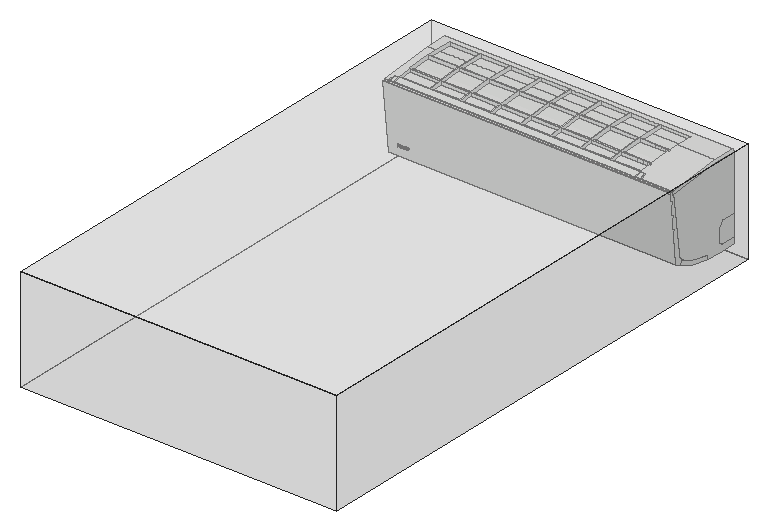
Revit family "outputfile", category 機械設備, Revit 2024
Family settings
  丸型コネクタ寸法 = 半径を使用
  パーツ タイプ = 標準
  OmniClass 番号 = 23.75.10.24.21.27.27
  OmniClass タイトル = Split System Air Conditioning Units
  作業面ベース = いいえ
  常に垂直 = はい
  ロード時にボイドで切り取り = いいえ
  注釈の向きを維持 = いいえ
  共有 = いいえ
  部屋計算ポイント = いいえ
Parameters (values of type "FTKF71CVA")
  Description = ""
  書き出し IFC クラス(タイプ) = "IfcUnitaryEquipmentType"
  定義済み IFC タイプ(タイプ) = "AIRCONDITIONINGUNIT"
  Cost = 0
  Type Comments = ""
  Keynote = ""
  Type Image = (empty or 0)
  Assembly Code = ""
  switch_frequency = yes
  lw_connection [instance] = if(Width = 730.0 mm, 85.0 mm, if(Width = 770.0 mm, 48.0 mm, 60.0 mm))  # 60.0 mm
  製造元 = "Daikin"
  モデル = "FTKF71CVA"
  r_Liquid Pipe Size = Liquid Pipe Size / 2  # 3.2 mm
  r_Gas Pipe Size = Gas Pipe Size / 2  # 6.35 mm
  r_Drain Pipe Size = Drain Pipe Size / 2  # 9.55 mm
  lw_powersupply [instance] = if(Width = 730.0 mm, if(or(Rear Right Connection_refrigerant, Bottom Right Connection_refrigerant), 65.0 mm, if(or(Rear Left Connection_refrigerant, Bottom Left Connection_refrigerant), 695.0 mm, 400.0 mm)), if(Width = 770.0 mm, if(or(Rear Right Connection_refrigerant, Bottom Right Connection_refrigerant), 68.0 mm, if(or(Rear Left Connection_refrigerant, Bottom Left Connection_refrigerant), 705.0 mm, 400.0 mm)), if(or(Rear Right Connection_refrigerant, Bottom Right Connection_refrigerant), 83.0 mm, if(or(Rear Left Connection_refrigerant, Bottom Left Connection_refrigerant), 928.0 mm, 400.0 mm))))  # 400.0 mm
  lw_liquidpipe [instance] = if(Width = 730.0 mm, if(or(Rear Right Connection_refrigerant, Bottom Right Connection_refrigerant), 0.0 mm, if(or(Rear Left Connection_refrigerant, Bottom Left Connection_refrigerant), 582.0 mm, 473.0 mm)), if(Width = 770.0 mm, if(or(Rear Right Connection_refrigerant, Bottom Right Connection_refrigerant), 0.0 mm, if(or(Rear Left Connection_refrigerant, Bottom Left Connection_refrigerant), 682.0 mm, 385.0 mm)), if(or(Rear Right Connection_refrigerant, Bottom Right Connection_refrigerant), 10.0 mm, if(or(Rear Left Connection_refrigerant, Bottom Left Connection_refrigerant), 858.0 mm, 435.0 mm))))  # 435.0 mm
  lw_gaspipe [instance] = if(Width = 730.0 mm, if(or(Rear Right Connection_refrigerant, Bottom Right Connection_refrigerant), 0.0 mm, if(or(Rear Left Connection_refrigerant, Bottom Left Connection_refrigerant), 576.0 mm, 428.0 mm)), if(Width = 770.0 mm, if(or(Rear Right Connection_refrigerant, Bottom Right Connection_refrigerant), 0.0 mm, if(or(Rear Left Connection_refrigerant, Bottom Left Connection_refrigerant), 675.0 mm, 335.0 mm)), if(or(Rear Right Connection_refrigerant, Bottom Right Connection_refrigerant), 0.0 mm, if(or(Rear Left Connection_refrigerant, Bottom Left Connection_refrigerant), 851.0 mm, 400.0 mm))))  # 400.0 mm
  lw_drainpipe [instance] = if(Width = 730.0 mm, if(or(Rear Right Connection_refrigerant, Bottom Right Connection_refrigerant), 0.0 mm, if(or(Rear Left Connection_refrigerant, Bottom Left Connection_refrigerant), 590.0 mm, 488.0 mm)), if(Width = 770.0 mm, if(or(Rear Right Connection_refrigerant, Bottom Right Connection_refrigerant), 0.0 mm, if(or(Rear Left Connection_refrigerant, Bottom Left Connection_refrigerant), 695.0 mm, 440.0 mm)), if(or(Rear Right Connection_refrigerant, Bottom Right Connection_refrigerant), 0.0 mm, if(or(Rear Left Connection_refrigerant, Bottom Left Connection_refrigerant), 888.0 mm, 475.0 mm))))  # 475.0 mm
  l_powersupply_length [instance] = if(Width = 730.0 mm, if(Right Connection_refrigerant, 400.0 mm, if(Left Connection_refrigerant, 330.0 mm, if(or(Bottom Left Connection_refrigerant, Bottom Right Connection_refrigerant), 57.0 mm, if(or(Rear Left Connection_refrigerant, Rear Right Connection_refrigerant), 15.0 mm, 50.0 mm)))), if(Width = 770.0 mm, if(Right Connection_refrigerant, 400.0 mm, if(Left Connection_refrigerant, 370.0 mm, if(or(Bottom Left Connection_refrigerant, Bottom Right Connection_refrigerant), 57.0 mm, if(or(Rear Left Connection_refrigerant, Rear Right Connection_refrigerant), 15.0 mm, 50.0 mm)))), if(Right Connection_refrigerant, 400.0 mm, if(Left Connection_refrigerant, 590.0 mm, if(or(Bottom Left Connection_refrigerant, Bottom Right Connection_refrigerant), 57.0 mm, if(or(Rear Left Connection_refrigerant, Rear Right Connection_refrigerant), 15.0 mm, 50.0 mm))))))  # 400.0 mm
  l_liquidpipe_length [instance] = if(Width = 730.0 mm, if(Right Connection_refrigerant, 558.0 mm, if(Left Connection_refrigerant, 172.0 mm, if(or(Bottom Left Connection_refrigerant, Bottom Right Connection_refrigerant), 48.0 mm, if(or(Rear Left Connection_refrigerant, Rear Right Connection_refrigerant), 30.0 mm, 40.0 mm)))), if(Width = 770.0 mm, if(Right Connection_refrigerant, 433.0 mm, if(Left Connection_refrigerant, 337.0 mm, if(or(Bottom Left Connection_refrigerant, Bottom Right Connection_refrigerant), 48.0 mm, if(or(Rear Left Connection_refrigerant, Rear Right Connection_refrigerant), 30.0 mm, 40.0 mm)))), if(Right Connection_refrigerant, 495.0 mm, if(Left Connection_refrigerant, 495.0 mm, if(or(Bottom Left Connection_refrigerant, Bottom Right Connection_refrigerant), 48.0 mm, if(or(Rear Left Connection_refrigerant, Rear Right Connection_refrigerant), 30.0 mm, 40.0 mm))))))  # 495.0 mm
  l_gaspipe_length [instance] = if(Width = 730.0 mm, if(Right Connection_refrigerant, 513.0 mm, if(Left Connection_refrigerant, 217.0 mm, if(or(Bottom Left Connection_refrigerant, Bottom Right Connection_refrigerant), 57.0 mm, if(or(Rear Left Connection_refrigerant, Rear Right Connection_refrigerant), 40.0 mm, 50.0 mm)))), if(Width = 770.0 mm, if(Right Connection_refrigerant, 383.0 mm, if(Left Connection_refrigerant, 387.0 mm, if(or(Bottom Left Connection_refrigerant, Bottom Right Connection_refrigerant), 57.0 mm, if(or(Rear Left Connection_refrigerant, Rear Right Connection_refrigerant), 40.0 mm, 50.0 mm)))), if(Right Connection_refrigerant, 460.0 mm, if(Left Connection_refrigerant, 530.0 mm, if(or(Bottom Left Connection_refrigerant, Bottom Right Connection_refrigerant), 57.0 mm, if(or(Rear Left Connection_refrigerant, Rear Right Connection_refrigerant), 40.0 mm, 50.0 mm))))))  # 460.0 mm
  l_drainpipe_length [instance] = if(Width = 730.0 mm, if(Right Connection_refrigerant, 573.0 mm, if(Left Connection_refrigerant, 157.0 mm, if(or(Bottom Left Connection_refrigerant, Bottom Right Connection_refrigerant), 35.0 mm, if(or(Rear Left Connection_refrigerant, Rear Right Connection_refrigerant), 15.0 mm, 20.0 mm)))), if(Width = 770.0 mm, if(Right Connection_refrigerant, 488.0 mm, if(Left Connection_refrigerant, 282.0 mm, if(or(Bottom Left Connection_refrigerant, Bottom Right Connection_refrigerant), 35.0 mm, if(or(Rear Left Connection_refrigerant, Rear Right Connection_refrigerant), 15.0 mm, 20.0 mm)))), if(Right Connection_refrigerant, 535.0 mm, if(Left Connection_refrigerant, 455.0 mm, if(or(Bottom Left Connection_refrigerant, Bottom Right Connection_refrigerant), 35.0 mm, if(or(Rear Left Connection_refrigerant, Rear Right Connection_refrigerant), 15.0 mm, 20.0 mm))))))  # 535.0 mm
  h*** = 0.0 mm  # constant formula
  connector_voltage = Voltage_60Hz  # 220 V
  connector_powerinput = [Power Input (Cooling)]  # 0.000 kW
  connector_phase = Phase_60Hz  # 1
  angle_vertical [instance] = if(or(Bottom Left Connection_refrigerant, Bottom Right Connection_refrigerant), 0.00°, 90.00°)  # 90.00°
  angle_horizontal [instance] = if(Right Connection_refrigerant, 90.00°, if(Left Connection_refrigerant, -90.00°, if(or(Rear Left Connection_refrigerant, Rear Right Connection_refrigerant), 180.00°, 0.00°)))  # 90.00°
  Width = 990.0 mm
  Voltage_comment_60Hz = "220"
  Voltage_60Hz = 220 V
  Version = "ver.1.0"
  Unit Type = "Wall Mounted"
  Unit Mass Weight = 13.00 kg
  Unit Designation [instance] = ""
  Uniclass2015Version = "Products v1.30"
  Uniclass2015Title = "Split coil room air conditioning units"
  Uniclass2015Code = "Pr_70_65_03_86"
  URL = ""
  Total Cooling Capacity [instance] = 0.000 kW
  Sound Pressure Level_M speed (dBA) = 41
  Sound Pressure Level_L speed (dBA) = 36
  Sound Pressure Level_H speed (dBA) = 43
  Sound Power Level_H speed (dB) = 0
  Series = "Single Split_Fan Coil Unit"
  Sensible Cooling Capacity [instance] = 0.000 kW
  Refrigerant Type = "R32"
  Power Input (Cooling) = 0.000 kW
  Phase_60Hz = 1
  Option Accessory 3 [instance] = ""
  Option Accessory 2 [instance] = ""
  Option Accessory 1 [instance] = ""
  Nominal Cooling Capacity = 7.030 kW
  Minimum Circuit Amps_60Hz = 0.0 A
  Minimum Airflow = 816.00 m³/h
  Median Airflow = 951.00 m³/h
  Maximum Fuse Amps_60Hz = 0.0 A
  Maximum Airflow = 1090.00 m³/h
  Material_Casing = DAIKIN_White_Casing_indoorunit
  Load Classification = HVAC
  Liquid Pipe Size = 6.4 mm
  Link_Nested Family [instance] = ""
  IfcVersion = ""
  IfcExportType = "AIRCONDITIONINGUNIT"
  IfcExportAs = "IfcUnitaryEquipmentType"
  Height = 297.0 mm
  Heat Exchanger Type = "Cross Fin Coil"
  Gas Pipe Size = 12.7 mm
  Frequency_60Hz = 60 Hz
  Fan Type = "Cross Flow Fan"
  Fan Drive = "Direct Drive"
  FCU Tag No. [instance] = ""
  Drain Pipe Size = 19.1 mm
  Design Supply Airflow [instance] = 0.00 m³/h
  Depth = 273.0 mm
  既定の高さ = 0.0 mm
  Cooling Entering Wet Bulb Temperature [instance] = 0.00 °C
  Cooling Entering Dry Bulb Temperature [instance] = 0.00 °C
  Cooling Ambient Wet Bulb Temperature [instance] = 0.00 °C
  Cooling Ambient Dry Bulb Temperature [instance] = 0.00 °C
  Clearance visibility [instance] = yes
  Clearance Top = 30.0 mm
  Clearance Right = 50.0 mm
  Clearance Rear = 0.0 mm
  Clearance Left = 50.0 mm
  Clearance Front = 1500.0 mm
  Clearance Bottom = 30.0 mm
  Bottom Right Connection_refrigerant [instance] = no
  Bottom Left Connection_refrigerant [instance] = no
  Rear Right Connection_refrigerant [instance] = no
  Rear Left Connection_refrigerant [instance] = no
  Right Connection_refrigerant [instance] = yes
  Left Connection_refrigerant [instance] = no
Reference planes
  plane 1 "Back": y = 0
  plane 2: z = 0
  plane 3 "Center (Left/Right)": x = 0
  plane 4 "Center (Front/Back)": y = -136.5
  plane 5 "Front": y = -273
  plane 6 "Left": x = -495
  plane 7 "Right": x = 495
  plane 8 "Top": z = 0
  plane 9 "Bottom": z = -297
  plane 10 "Front panel_Left": x = -493
  plane 11 "Front panel_Right": x = 493
  plane 12: x = 359
  plane 13: x = 354
  plane 14: x = -545
  plane 15: x = 545
  plane 16: y = 0
  plane 17: y = -213
  plane 18: z = 30
  plane 19: z = -327
  plane 20 "lw_Piping and Wiring intake": x = 435
  plane 21 "lw_gaspipe": x = 35
  plane 22 "lw_liquidpipe": x = 0
  plane 23 "lw_drainpipe": x = -40
  plane 24 "lh_drainpipe": z = -262
  plane 25 "lh_liquidpipe": z = -249
  plane 26 "lh_gaspipe": z = -240
  plane 27 "ld_drainpipe": y = -15
  plane 28 "ld_liquidpipe": y = -30
  plane 29 "ld_gaspipe": y = -40
  plane 30 "lw_powersupply": x = 95
  plane 31: y = -1773
Dimensions and locks
  equal spacing: plane 6 "Left", plane 3 "Center (Left/Right)", plane 7 "Right"
  "Width": plane 6 "Left" to plane 7 "Right"
  equal spacing: plane 5 "Front", plane 4 "Center (Front/Back)", plane 1 "Back"
  "Depth": plane 5 "Front" to plane 1 "Back"
  "Height": plane 8 "Top" to plane 9 "Bottom"
  locked: plane 10 "Front panel_Left" to plane 6 "Left" at 2
  locked: plane 7 "Right" to plane 11 "Front panel_Right" at 2
  locked: plane 7 "Right" to plane 12 at 136
  locked: plane 12 to plane 13 at 5
  "Clearance Rear": plane 16 to plane 1 "Back"
  "Clearance Top": plane 18 to plane 8 "Top"
  "Clearance Bottom": plane 9 "Bottom" to plane 19
  "lw_connection": plane 20 "lw_Piping and Wiring intake" to plane 7 "Right"
  "lw_gaspipe": plane 21 "lw_gaspipe" to plane 20 "lw_Piping and Wiring intake"
  "lw_liquidpipe": plane 22 "lw_liquidpipe" to plane 20 "lw_Piping and Wiring intake"
  "lw_drainpipe": plane 23 "lw_drainpipe" to plane 20 "lw_Piping and Wiring intake"
  locked: plane 24 "lh_drainpipe" to plane 9 "Bottom" at 35
  locked: plane 25 "lh_liquidpipe" to plane 9 "Bottom" at 48
  locked: plane 26 "lh_gaspipe" to plane 9 "Bottom" at 57
  locked: plane 27 "ld_drainpipe" to plane 1 "Back" at 15
  locked: plane 1 "Back" to plane 28 "ld_liquidpipe" at 30
  locked: plane 1 "Back" to plane 29 "ld_gaspipe" at 40
  "lw_powersupply": plane 30 "lw_powersupply" to plane 7 "Right"
  "Clearance Left": plane 14 to plane 6 "Left"
  "Clearance Right": plane 7 "Right" to plane 15
  "Clearance Front": plane 5 "Front" to plane 31
  aligned and locked: level to plane 2
  aligned and locked: plane 16 to nested 1
  aligned and locked: nested 1 to plane 14
  aligned and locked: nested 1 to plane 15
  aligned and locked: plane 19 to nested 1
  aligned and locked: plane 18 to nested 1
  aligned and locked: plane 21 "lw_gaspipe" to nested 2
  aligned and locked: nested 2 to plane 29 "ld_gaspipe"
  aligned and locked: plane 22 "lw_liquidpipe" to nested 3
  aligned and locked: nested 3 to plane 28 "ld_liquidpipe"
  aligned and locked: plane 23 "lw_drainpipe" to nested 4
  aligned and locked: nested 4 to plane 27 "ld_drainpipe"
  aligned and locked: nested 5 to plane 27 "ld_drainpipe"
  aligned and locked: plane 30 "lw_powersupply" to nested 5
  aligned and locked: level to plane 8 "Top"
  aligned and locked: nested 1 to plane 31
Nested families
  nested 1: "daikin_clearancespace" at (0, -886.5, -148.381), show <- "Clearance visibility", visible <- "Clearance visibility", Link_Nested Family <- "Link_Nested Family", type "daikin_clearancespace"
    with width 1090.0 mm, show yes, height 357.0 mm, depth 1773.0 mm, Link_Nested Family ""
  nested 2: "daikin_connector_rotate3" at (35, -40, -240), angle_vertical <- "angle_vertical", angle_horizontal <- "angle_horizontal", length <- "l_gaspipe_length", radius <- "r_Gas Pipe Size", type "daikin_connector_rotate3"
    with show no, radius 6.35 mm, length 460.0 mm, angle_vertical 90.00°, angle_horizontal 90.00°
  nested 3: "daikin_connector_rotate3" at (0, -30, -249), angle_vertical <- "angle_vertical", angle_horizontal <- "angle_horizontal", radius <- "r_Liquid Pipe Size", length <- "l_liquidpipe_length", type "daikin_connector_rotate3"
    with show no, radius 3.2 mm, length 495.0 mm, angle_vertical 90.00°, angle_horizontal 90.00°
  nested 4: "daikin_connector_rotate3" at (-40, -15, -262), angle_vertical <- "angle_vertical", angle_horizontal <- "angle_horizontal", length <- "l_drainpipe_length", radius <- "r_Drain Pipe Size", type "daikin_connector_rotate3"
    with show no, radius 9.55 mm, length 535.0 mm, angle_vertical 90.00°, angle_horizontal 90.00°
  nested 5: "daikin_connector_rotate3" at (95, -15, -240), angle_vertical <- "angle_vertical", angle_horizontal <- "angle_horizontal", length <- "l_powersupply_length", type "daikin_connector_rotate3"
    with show no, radius 10.0 mm, length 400.0 mm, angle_vertical 90.00°, angle_horizontal 90.00°
  nested 6: "DAIKIN_indoorunit_FTKF-CVA" at (-31, 0, 0), type "FTKF-CVA"
    with switch_unit1_60-71 yes, switch_unit1_20-25 no, Width 990.0 mm, WALL HOLE-R 48.0 mm, Height 297.0 mm
Connectors
  piping at (495, -40, -240), diameter 12.7, driven by "r_Gas Pipe Size"
    settings: on nested 2, index 1, connector inside diameter 609.6 mm, connector length 0.0 mm, flow factor 0, pipe flow 0.00 m³/h, pressure drop 0.0 Pa, fitting loss kfactor 0, connector angle 0.00°, fixture units 0, engagement length 0.0 mm, angle of deflection 0.00°, flow configuration 1, flow direction 2, fitting loss method 0, system type 29, joint type 0, gender type 0, connector reference index -1, connector utility 0, adjustable connector no, is connector primary yes, connector description "Refrigerant Gas Piping"
  piping at (495, -30, -249), diameter 6.4, driven by "r_Liquid Pipe Size"
    settings: on nested 3, index 2, connector inside diameter 609.6 mm, connector length 0.0 mm, flow factor 0, pipe flow 0.00 m³/h, pressure drop 0.0 Pa, fitting loss kfactor 0, connector angle 0.00°, fixture units 0, engagement length 0.0 mm, angle of deflection 0.00°, flow configuration 1, flow direction 1, fitting loss method 0, system type 29, joint type 0, gender type 0, connector reference index -1, connector utility 0, adjustable connector no, is connector primary no, connector description "Refrigerant Liquid Piping"
  piping at (495, -15, -262), diameter 19.1, driven by "r_Drain Pipe Size"
    settings: on nested 4, index 3, connector inside diameter 609.6 mm, connector length 0.0 mm, flow factor 0, pipe flow 0.00 m³/h, pressure drop 0.0 Pa, fitting loss kfactor 0, connector angle 0.00°, fixture units 0, engagement length 0.0 mm, angle of deflection 0.00°, flow configuration 1, flow direction 2, fitting loss method 4, system type 16, joint type 0, gender type 0, connector reference index -1, connector utility 0, adjustable connector no, is connector primary no, connector description "Condensate Drain Piping"
  electrical at (495, -15, -240), driven by "Load Classification", driven by "connector_phase", driven by "connector_powerinput", driven by "connector_voltage"
    settings: on nested 5, index 4, voltage 220 V, apparent load 0 VA, apparent load phase1 0 VA, apparent load phase2 0 VA, apparent load phase3 0 VA, power factor 1, load classification "HVAC", number of poles 1, system type 30, power factor state 1, is connector primary yes, connector utility no, sub classification motor no, connector description "Power Supply"
Definition of nested family "daikin_clearancespace"
  Parameters (values of type "daikin_clearancespace")
    Description = "daikin_clearancespace"
    width [instance] = 1823.963 mm
    show [instance] = yes
    material = none
    height [instance] = 1359.762 mm
    depth [instance] = 880.0 mm
    Default Elevation = 0.0 mm
    Link_Nested Family [instance] = ""
  Reference planes
    plane 1 "Center (Front/Back)": y = 0
    plane 2 "Center (Elevation)": z = -0.119
    plane 3 "Center (Left/Right)": x = 0
    plane 4: y = 440
    plane 5: y = -440
    plane 6 "Right": x = 911.982
    plane 7 "Left": x = -911.982
    plane 8 "Top": z = 679.762
    plane 9 "Bottom": z = -680
  Forms (mm)
    Extrusion 1, solid, material <- "material", visible <- "show"
      sketch origin (0, 0, 0) x (1, 0, 0) y (0, 1, 0)
        loop
          line (-911.982, 440) -> (-911.982, -440) -> (911.982, -440) -> (911.982, 440) -> (-911.982, 440)
      from -680 to 679.762
  Lines and regions (mm)
    symbolic lines, visible <- "show"
      curve 1: line (911.982, 440, 0) -> (-911.982, 440, 0)
      curve 2: line (-911.982, 440, 0) -> (-911.982, -440, 0)
      curve 3: line (-911.982, -440, 0) -> (911.982, -440, 0)
      curve 4: line (911.982, -440, 0) -> (911.982, 440, 0)
      curve 5: line (911.982, 0, 679.762) -> (-911.982, 0, 679.762)
      curve 6: line (911.982, 0, -680) -> (911.982, 0, 679.762)
      curve 7: line (-911.982, 0, -680) -> (911.982, 0, -680)
      curve 8: line (-911.982, 0, 679.762) -> (-911.982, 0, -680)
      curve 9: line (0, 440, 679.762) -> (0, -440, 679.762)
      curve 10: line (0, -440, 679.762) -> (0, -440, -680)
      curve 11: line (0, 440, -680) -> (0, 440, 679.762)
      curve 12: line (0, -440, -680) -> (0, 440, -680)
  Dimensions and locks
    "width": plane 7 "Left" to plane 6 "Right"
    "depth": plane 4 to plane 5
    "height": plane 8 "Top" to plane 9 "Bottom"
    equal spacing: plane 7 "Left", plane 3 "Center (Left/Right)", plane 6 "Right"
    equal spacing: plane 4, plane 1 "Center (Front/Back)", plane 5
    equal spacing: plane 8 "Top", plane 2 "Center (Elevation)", plane 9 "Bottom"
    aligned and locked: level to plane 2 "Center (Elevation)"
    aligned and locked: Extrusion 1 sketch curve to plane 4
    aligned and locked: plane 7 "Left" to Extrusion 1 sketch curve
    aligned and locked: Extrusion 1 sketch curve to plane 5
    aligned and locked: Extrusion 1 sketch curve to plane 6 "Right"
    aligned and locked: plane 8 "Top" to Extrusion 1
    aligned and locked: curve 1 to Extrusion 1
    aligned and locked: curve 2 to Extrusion 1
    aligned and locked: curve 3 to Extrusion 1
    aligned and locked: curve 4 to Extrusion 1
    aligned and locked: curve 5 to Extrusion 1
    aligned and locked: curve 6 to Extrusion 1
    aligned and locked: curve 7 to Extrusion 1
    aligned and locked: curve 8 to Extrusion 1
    aligned and locked: curve 9 to Extrusion 1
    aligned and locked: curve 10 to Extrusion 1
    aligned and locked: curve 11 to Extrusion 1
    aligned and locked: curve 12 to Extrusion 1
    aligned and locked: Extrusion 1 to plane 9 "Bottom"
Definition of nested family "DAIKIN_indoorunit_FTKF-CVA"
  Parameters (values of type "FTKF-CVA")
    switch_unit1_60-71 = Width = 990.0 mm  # no
    switch_unit1_35-50 = Width = 770.0 mm  # no
    switch_unit1_20-25 = Width = 730.0 mm  # yes
    Width = 730.0 mm
    WALL HOLE-R = if(Width = 730.0 mm, 79.0 mm, 48.0 mm)  # 79.0 mm
    Material_Casing = none
    Height = if(Width = 730.0 mm, 280.0 mm, if(Width = 770.0 mm, 288.0 mm, 297.0 mm))  # 280.0 mm
    Default Elevation = 0.0 mm
  Reference planes
    plane 1 "Center (Front/Back)": y = 0
    plane 2 "reference_level": z = 0
    plane 3 "Center (Left/Right)": x = 31
    plane 4: x = -334
    plane 5: x = 396
    plane 6: z = -280
  Forms (mm)
    Extrusion 1, solid, material <- "Material_Casing", visible <- "switch_unit1_20-25"
      sketch origin (31, 0, 0) x (0, 1, 0) y (0, 0, 1)
        loop
          line (-109.519, -8) -> (-2.596, -8) -> (-8.198, 0) -> (-109.608, 0)
          arc (-109.608, 0) -> (-157.226, -5.2) -> (-202.599, -20.555) r 220.623
          line (-202.599, -20.555) -> (-202.447, -29.25)
          arc (-202.447, -29.25) -> (-157.182, -13.38) -> (-109.519, -8) r 213.82
      from -365 to 365
    Extrusion 2, solid, material <- "Material_Casing", visible <- "switch_unit1_20-25"
      sketch origin (416, 1304.033, 1200.206) x (0, 1, 0) y (0, 0, 1)
        loop
          arc (-1496.513, -1423.164) -> (-1487.225, -1434.204) -> (-1476.373, -1443.711) r 95
          arc (-1476.373, -1443.711) -> (-1448.371, -1461.92) -> (-1418.191, -1476.232) r 250
          line (-1418.191, -1476.232) -> (-1418.191, -1465.318)
          arc (-1418.191, -1465.318) -> (-1445.052, -1452.134) -> (-1470.063, -1435.711) r 240
          arc (-1470.063, -1435.711) -> (-1477.766, -1429.186) -> (-1484.641, -1421.794) r 85
          line (-1484.641, -1421.794) -> (-1496.513, -1423.164)
      from -20 to -177
    Extrusion 3, solid, material <- "Material_Casing", visible <- "switch_unit1_20-25"
      sketch origin (31, 0, 0) x (0, 1, 0) y (0, 0, 1)
        loop
          line (-202.769, -10.816) -> (-211.618, -13.692)
          arc (-211.618, -13.692) -> (-212.628, -14.432) -> (-213, -15.629) r 2
          line (-213, -15.629) -> (-210.348, -167.5)
          arc (-210.348, -167.5) -> (-206.029, -195.818) -> (-193.465, -221.562) r 95
          line (-193.465, -221.562) -> (-181.653, -220.199)
          arc (-181.653, -220.199) -> (-195.31, -195.356) -> (-200.037, -167.403) r 85
          line (-200.037, -167.403) -> (-202.769, -10.816)
      from -365 to 365
    Extrusion 4, solid, material <- "Material_Casing", visible <- "switch_unit1_20-25"
      sketch origin (31, 0, 0) x (0, 1, 0) y (0, 0, 1)
        loop
          line (0, -280) -> (0, -11.707) -> (-2.596, -8) -> (-109.519, -8)
          arc (-109.519, -8) -> (-156.378, -13.198) -> (-200.959, -28.539) r 213.82
          line (-200.959, -28.539) -> (-198.537, -167.295)
          arc (-198.537, -167.295) -> (-189.766, -204.754) -> (-165.131, -234.305) r 83.5
          arc (-165.131, -234.305) -> (-139.841, -250.873) -> (-112.659, -264.109) r 238.5
          line (-112.659, -264.109) -> (-112.659, -276.338)
          arc (-112.659, -276.338) -> (-100.834, -279.079) -> (-88.731, -280) r 80
          line (-88.731, -280) -> (0, -280)
      from -365 to 365
    Extrusion 5, solid, material <- "Material_Casing", visible <- "switch_unit1_20-25"
      sketch origin (-354, 1304.033, 1200.206) x (0, 1, 0) y (0, 0, 1)
        loop
          arc (-1496.513, -1423.164) -> (-1487.225, -1434.204) -> (-1476.373, -1443.711) r 95
          arc (-1476.373, -1443.711) -> (-1448.371, -1461.92) -> (-1418.191, -1476.232) r 250
          line (-1418.191, -1476.232) -> (-1418.191, -1465.318)
          arc (-1418.191, -1465.318) -> (-1445.052, -1452.134) -> (-1470.063, -1435.711) r 240
          arc (-1470.063, -1435.711) -> (-1477.766, -1429.186) -> (-1484.641, -1421.794) r 85
          line (-1484.641, -1421.794) -> (-1496.513, -1423.164)
      from 72 to 20
    Extrusion 6, solid, material <- "Material_Casing", visible <- "switch_unit1_20-25"
      sketch origin (31, 7.782, 0.206) x (0, 1, 0) y (0, 0, 1)
        loop
          line (-188.39, -221.794) -> (-200.262, -223.164)
          arc (-200.262, -223.164) -> (-190.975, -234.204) -> (-180.122, -243.711) r 95
          arc (-180.122, -243.711) -> (-152.12, -261.92) -> (-121.941, -276.232) r 250
          line (-121.941, -276.232) -> (-121.941, -265.318)
          arc (-121.941, -265.318) -> (-148.801, -252.134) -> (-173.813, -235.711) r 240
          arc (-173.813, -235.711) -> (-181.515, -229.186) -> (-188.39, -221.794) r 85
      from 204 to -309
    Extrusion 7, void
      sketch origin (31, 0, -235) x (1, 0, 0) y (0, 1, 0)
        loop
          line (-324.633, -72.419) -> (-304, -73.5) -> (-234.9, -73.5) -> (-234.9, -24.5) -> (-324.633, -24.5) -> (-324.633, -72.419)
        loop
          line (-304, -74.9) -> (-324.633, -75.939) -> (-324.633, -139.819) -> (-304, -140.9) -> (-234.9, -140.9) -> (-234.9, -74.9) -> (-304, -74.9)
        loop
          line (-304, -142.3) -> (-324.633, -143.326) -> (-324.633, -182.209) -> (-300, -183.5) -> (-234.9, -183.5) -> (-234.9, -142.3) -> (-304, -142.3)
        loop
          line (-233.5, -142.3) -> (-233.5, -183.5) -> (-146.9, -183.5) -> (-146.9, -142.3) -> (-233.5, -142.3)
        loop
          line (-233.5, -140.9) -> (-146.9, -140.9) -> (-146.9, -74.9) -> (-233.5, -74.9) -> (-233.5, -140.9)
        loop
          line (-233.5, -73.5) -> (-146.9, -73.5) -> (-146.9, -24.5) -> (-233.5, -24.5) -> (-233.5, -73.5)
        loop
          line (-145.5, -73.5) -> (-74.9, -73.5) -> (-54.9, -72.452) -> (-54.9, -24.5) -> (-145.5, -24.5) -> (-145.5, -73.5)
        loop
          line (-145.5, -74.9) -> (-145.5, -140.9) -> (-74.9, -140.9) -> (-54.9, -139.852) -> (-54.9, -75.948) -> (-74.9, -74.9) -> (-145.5, -74.9)
        loop
          line (-145.5, -142.3) -> (-145.5, -183.5) -> (-74.9, -183.5) -> (-54.9, -182.452) -> (-54.9, -143.348) -> (-74.9, -142.3) -> (-145.5, -142.3)
        loop
          line (-53.5, -24.5) -> (-53.5, -72.452) -> (-33.5, -73.5) -> (36.5, -73.5) -> (36.5, -24.5) -> (-53.5, -24.5)
        loop
          line (-53.5, -75.948) -> (-53.5, -139.852) -> (-33.5, -140.9) -> (36.5, -140.9) -> (36.5, -74.9) -> (-33.5, -74.9) -> (-53.5, -75.948)
        loop
          line (-33.5, -142.3) -> (-53.5, -143.348) -> (-53.5, -182.452) -> (-33.5, -183.5) -> (36.5, -183.5) -> (36.5, -142.3) -> (-33.5, -142.3)
        loop
          line (37.9, -24.5) -> (37.9, -73.5) -> (124.9, -73.5) -> (124.9, -24.5) -> (37.9, -24.5)
        loop
          line (37.9, -74.9) -> (37.9, -140.9) -> (124.9, -140.9) -> (124.9, -74.9) -> (37.9, -74.9)
        loop
          line (37.9, -142.3) -> (37.9, -183.5) -> (124.9, -183.5) -> (124.9, -142.3) -> (37.9, -142.3)
        loop
          line (126.3, -24.5) -> (126.3, -73.5) -> (195.6, -73.5) -> (216, -72.431) -> (216, -24.5) -> (126.3, -24.5)
        loop
          line (126.3, -74.9) -> (126.3, -140.9) -> (198.5, -140.9) -> (216, -139.983) -> (216, -75.817) -> (198.5, -74.9) -> (126.3, -74.9)
        loop
          line (126.3, -142.3) -> (126.3, -183.5) -> (198.337, -183.5) -> (216, -182.623) -> (216, -143.217) -> (198.5, -142.3) -> (126.3, -142.3)
      from 201.638 to 250
    Extrusion 8, solid, material <- "Material_Casing"
      sketch origin (31, 0, 0) x (1, 0, 0) y (0, 0, 1)
        loop
          circle (286, -235) r 40
        loop
          circle (-317, -235) r 40
      from 0 to 5
    Extrusion 9, solid, material <- "Material_Casing", visible <- "switch_unit1_20-25"
      sketch origin (396, 1296.25, 1200) x (0, -1, 0) y (0, 0, 1)
        loop
          line (1326.25, -1413) -> (1296.25, -1413) -> (1296.25, -1473) -> (1326.25, -1473)
          arc (1326.25, -1473) -> (1340.393, -1467.142) -> (1346.25, -1453) r 20
          line (1346.25, -1453) -> (1346.25, -1433)
          arc (1346.25, -1433) -> (1340.393, -1418.858) -> (1326.25, -1413) r 20
      from 0 to 5
    Extrusion 10, solid, material <- "Material_Casing", visible <- "switch_unit1_20-25"
      sketch origin (-334, 1296.25, 1200) x (0, 1, 0) y (0, 0, 1)
        loop
          line (-1296.25, -1413) -> (-1326.25, -1413)
          arc (-1326.25, -1413) -> (-1340.393, -1418.858) -> (-1346.25, -1433) r 20
          line (-1346.25, -1433) -> (-1346.25, -1453)
          arc (-1346.25, -1453) -> (-1340.393, -1467.142) -> (-1326.25, -1473) r 20
          line (-1326.25, -1473) -> (-1296.25, -1473) -> (-1296.25, -1413)
      from 0 to 5
    Extrusion 11, solid, material <- "Material_Casing", visible <- "switch_unit1_20-25"
      sketch origin (11, 0, -285) x (-1, 0, 0) y (0, -1, 0)
        loop
          line (-279, 0) -> (-279, 30)
          arc (-279, 30) -> (-284.419, 43.081) -> (-297.5, 48.5) r 18.5
          line (-297.5, 48.5) -> (-320.5, 48.5)
          arc (-320.5, 48.5) -> (-333.581, 43.081) -> (-339, 30) r 18.5
          line (-339, 30) -> (-339, 0) -> (-279, 0)
        loop
          line (326, 0) -> (326, 30)
          arc (326, 30) -> (320.581, 43.081) -> (307.5, 48.5) r 18.5
          line (307.5, 48.5) -> (284.5, 48.5)
          arc (284.5, 48.5) -> (271.419, 43.081) -> (266, 30) r 18.5
          line (266, 30) -> (266, 0) -> (326, 0)
      from 10 to 5
    Extrusion 12, solid, material <- "Material_Casing", visible <- "switch_unit1_35-50"
      sketch origin (31, 0, 0) x (0, 1, 0) y (0, 0, 1)
        loop
          line (-5, 0) -> (-45.84, 0)
          arc (-45.84, 0) -> (-135.906, -3.965) -> (-225.275, -15.831) r 1024.823
          arc (-225.275, -15.831) -> (-224.639, -21.302) -> (-223.878, -26.758) r 241.564
          arc (-223.878, -26.758) -> (-135.207, -14.947) -> (-45.84, -11) r 1013.66
          line (-45.84, -11) -> (0, -11) -> (0, -9.02) -> (-5, 0)
      from -385 to 385
    Extrusion 13, solid, material <- "Material_Casing", visible <- "switch_unit1_35-50"
      sketch origin (31, 0, 0) x (0, 1, 0) y (0, 0, 1)
        loop
          arc (-226.673, -12.416) -> (-229.519, -12.929) -> (-232.363, -13.449) r 1025.776
          arc (-232.363, -13.449) -> (-233.586, -14.198) -> (-233.994, -15.573) r 2
          line (-233.994, -15.573) -> (-218.08, -217.408)
          arc (-218.08, -217.408) -> (-211.296, -237.286) -> (-195.807, -251.472) r 42.415
          line (-195.807, -251.472) -> (-186.556, -243.946)
          arc (-186.556, -243.946) -> (-193.981, -235.221) -> (-197.648, -224.366) r 30.386
          line (-197.648, -224.366) -> (-226.673, -12.416)
      from -385 to 385
    Extrusion 14, void
      sketch origin (33, 0, 0) x (1, 0, 0) y (0, 1, 0)
        loop
          line (-357.499, -23.5) -> (-357.499, -96.7) -> (-255.999, -96.7) -> (-255.999, -23.5) -> (-357.499, -23.5)
        loop
          line (-255.999, -99.1) -> (-357.499, -99.1) -> (-357.499, -170.1) -> (-255.999, -170.1) -> (-255.999, -99.1)
        loop
          line (-255.999, -171.7) -> (-357.499, -171.7) -> (-357.499, -201.7) -> (-255.999, -201.7) -> (-255.999, -171.7)
        loop
          line (-253.399, -23.5) -> (-253.399, -96.7) -> (-153.899, -96.7) -> (-153.899, -23.5) -> (-253.399, -23.5)
        loop
          line (-253.399, -99.1) -> (-253.399, -170.1) -> (-153.899, -170.1) -> (-153.899, -99.1) -> (-253.399, -99.1)
        loop
          line (-153.899, -171.7) -> (-253.399, -171.7) -> (-253.399, -201.7) -> (-153.899, -201.7) -> (-153.899, -171.7)
        loop
          line (-56.549, -23.5) -> (-151.299, -23.5) -> (-151.299, -96.7) -> (-56.549, -96.7) -> (-56.549, -23.5)
        loop
          line (-151.299, -99.1) -> (-151.299, -170.1) -> (-56.549, -170.1) -> (-56.549, -99.1) -> (-151.299, -99.1)
        loop
          line (-56.549, -171.7) -> (-151.299, -171.7) -> (-151.299, -201.7) -> (-56.549, -201.7) -> (-56.549, -171.7)
        loop
          line (50.301, -23.5) -> (-44.549, -23.5) -> (-44.549, -96.7) -> (50.301, -96.7) -> (50.301, -23.5)
        loop
          line (-44.549, -99.1) -> (-44.549, -170.1) -> (50.301, -170.1) -> (50.301, -99.1) -> (-44.549, -99.1)
        loop
          line (50.301, -171.7) -> (-44.549, -171.7) -> (-44.549, -201.7) -> (50.301, -201.7) -> (50.301, -171.7)
        loop
          line (52.901, -23.5) -> (52.901, -96.7) -> (152.401, -96.7) -> (152.401, -23.5) -> (52.901, -23.5)
        loop
          line (52.901, -99.1) -> (52.901, -170.1) -> (152.401, -170.1) -> (152.401, -99.1) -> (52.901, -99.1)
        loop
          line (52.901, -171.7) -> (52.901, -201.7) -> (152.401, -201.7) -> (152.401, -171.7) -> (52.901, -171.7)
        loop
          line (155.001, -23.5) -> (155.001, -96.7) -> (256.501, -96.7) -> (256.501, -23.5) -> (155.001, -23.5)
        loop
          line (155.001, -99.1) -> (155.001, -170.1) -> (217.501, -170.1) -> (229.501, -170.1) -> (241.501, -170.1) -> (256.501, -170.1) -> (256.501, -152.1) -> (256.501, -134.1) -> (256.501, -116.1) -> (256.501, -99.1) -> (241.501, -99.1) -> (229.501, -99.1) -> (217.501, -99.1) -> (155.001, -99.1)
        loop
          line (155.001, -171.7) -> (155.001, -201.7) -> (217.501, -201.7) -> (229.501, -201.7) -> (241.501, -201.7) -> (256.501, -201.7) -> (256.501, -171.7) -> (241.501, -171.7) -> (229.501, -171.7) -> (217.501, -171.7) -> (155.001, -171.7)
      from -40.013 to 47.268
    Extrusion 15, solid, material <- "Material_Casing", visible <- "switch_unit1_35-50"
      sketch origin (-356, 1308.25, 1200) x (0, 1, 0) y (0, 0, -1)
        loop
          line (-1407.524, 1473.254) -> (-1407.524, 1484.154)
          arc (-1407.524, 1484.154) -> (-1456.679, 1472.122) -> (-1503.106, 1451.987) r 299.52
          line (-1503.106, 1451.987) -> (-1494.032, 1444.604)
          arc (-1494.032, 1444.604) -> (-1451.915, 1462.363) -> (-1407.524, 1473.254) r 288.723
      from -2 to -49.5
    Extrusion 16, solid, material <- "Material_Casing", visible <- "switch_unit1_35-50"
      sketch origin (418, 1308.25, 1200) x (0, 1, 0) y (0, 0, 1)
        loop
          arc (-1407.524, -1473.254) -> (-1451.915, -1462.363) -> (-1494.032, -1444.604) r 288.723
          line (-1494.032, -1444.604) -> (-1503.106, -1451.987)
          arc (-1503.106, -1451.987) -> (-1456.679, -1472.122) -> (-1407.524, -1484.154) r 299.52
          line (-1407.524, -1484.154) -> (-1407.524, -1473.254)
      from -2 to -119.5
    Extrusion 17, solid, material <- "Material_Casing", visible <- "switch_unit1_35-50"
      sketch origin (418, 1308.25, 1200) x (0, 1, 0) y (0, 0, 1)
        loop
          line (-1407.524, -1484.154) -> (-1407.524, -1473.254)
          arc (-1407.524, -1473.254) -> (-1451.915, -1462.363) -> (-1494.032, -1444.604) r 288.723
          line (-1494.032, -1444.604) -> (-1503.106, -1451.987)
          arc (-1503.106, -1451.987) -> (-1456.679, -1472.122) -> (-1407.524, -1484.154) r 299.52
      from -119.5 to -724.5
    Extrusion 18, solid, material <- "Material_Casing", visible <- "switch_unit1_35-50"
      sketch origin (31, 0, -30) x (0, 1, 0) y (0, 0, 1)
        loop
          arc (-45.84, 19) -> (-135.218, 15.052) -> (-223.901, 3.238) r 1013.66
          line (-223.901, 3.238) -> (-196.855, -194.257)
          arc (-196.855, -194.257) -> (-192.985, -205.344) -> (-185.107, -214.052) r 29.589
          arc (-185.107, -214.052) -> (-142.926, -231.76) -> (-98.473, -242.568) r 288.081
          line (-98.473, -242.568) -> (-98.525, -254.271)
          arc (-98.525, -254.271) -> (-75.337, -257.066) -> (-52, -258) r 292.099
          line (-52, -258) -> (0, -258) -> (0, 19) -> (-45.84, 19)
      from -385 to 385
    Extrusion 19, solid, material <- "Material_Casing", visible <- "switch_unit1_35-50"
      sketch origin (416, 1296.25, 1200) x (0, -1, 0) y (0, 0, 1)
        loop
          line (1329.05, -1409.6) -> (1296.25, -1409.6) -> (1296.25, -1469.6) -> (1329.05, -1469.6)
          arc (1329.05, -1469.6) -> (1342.627, -1463.976) -> (1348.25, -1450.4) r 19.2
          line (1348.25, -1450.4) -> (1348.25, -1428.8)
          arc (1348.25, -1428.8) -> (1342.627, -1415.224) -> (1329.05, -1409.6) r 19.2
      from 0 to 5
    Extrusion 20, solid, material <- "Material_Casing", visible <- "switch_unit1_35-50"
      sketch origin (-349, 1296.25, 1200) x (0, -1, 0) y (0, 0, 1)
        loop
          line (1329.05, -1409.6) -> (1296.25, -1409.6) -> (1296.25, -1469.6) -> (1329.05, -1469.6)
          arc (1329.05, -1469.6) -> (1342.627, -1463.976) -> (1348.25, -1450.4) r 19.2
          line (1348.25, -1450.4) -> (1348.25, -1428.8)
          arc (1348.25, -1428.8) -> (1342.627, -1415.224) -> (1329.05, -1409.6) r 19.2
      from 0 to 5
    Extrusion 21, solid, material <- "Material_Casing", visible <- "switch_unit1_35-50"
      sketch origin (31, 200, -288) x (-1, 0, 0) y (0, -1, 0)
        loop
          line (369, 200) -> (369, 232)
          arc (369, 232) -> (363.142, 246.142) -> (349, 252) r 20
          line (349, 252) -> (329, 252)
          arc (329, 252) -> (314.858, 246.142) -> (309, 232) r 20
          line (309, 232) -> (309, 200) -> (369, 200)
        loop
          line (-369, 200) -> (-309, 200) -> (-309, 232)
          arc (-309, 232) -> (-314.858, 246.142) -> (-329, 252) r 20
          line (-329, 252) -> (-349, 252)
          arc (-349, 252) -> (-363.142, 246.142) -> (-369, 232) r 20
          line (-369, 232) -> (-369, 200)
      from 0 to 5
    Extrusion 22, void
      sketch origin (0, 0, 0) x (1, 0, 0) y (0, 1, 0)
        loop
          line (-308, -185.757) -> (-308, -202.769) -> (262, -202.769) -> (262, -185.757) -> (-308, -185.757)
      from -35 to 0
    Extrusion 23, solid, material <- "Material_Casing", visible <- "switch_unit1_20-25"
      sketch origin (0, 0, 0) x (1, 0, 0) y (0, 1, 0)
        loop
          line (-308, -185.757) -> (-308, -202.757) -> (-293, -202.757) -> (-293, -185.757) -> (-308, -185.757)
        loop
          line (262, -185.757) -> (247, -185.757) -> (247, -202.757) -> (262, -202.757) -> (262, -185.757)
      from -35 to 0
    Extrusion 24, solid, material <- "Material_Casing", visible <- "switch_unit1_20-25"
      sketch origin (0, 0, 0) x (1, 0, 0) y (0, 1, 0)
        loop
          line (-293, -190.757) -> (-293, -202.757) -> (247, -202.757) -> (247, -190.757) -> (203.171, -190.757) -> (203.171, -194.257)
          arc (203.171, -194.257) -> (202.732, -195.318) -> (201.671, -195.757) r 1.5
          line (201.671, -195.757) -> (180.129, -195.757)
          arc (180.129, -195.757) -> (179.068, -195.318) -> (178.629, -194.257) r 1.5
          line (178.629, -194.257) -> (178.629, -190.757) -> (46.421, -190.757) -> (46.421, -194.257)
          arc (46.421, -194.257) -> (45.982, -195.318) -> (44.921, -195.757) r 1.5
          line (44.921, -195.757) -> (23.379, -195.757)
          arc (23.379, -195.757) -> (22.318, -195.318) -> (21.879, -194.257) r 1.5
          line (21.879, -194.257) -> (21.879, -190.757) -> (-68.079, -190.757) -> (-68.079, -194.257)
          arc (-68.079, -194.257) -> (-68.518, -195.318) -> (-69.579, -195.757) r 1.5
          line (-69.579, -195.757) -> (-91.121, -195.757)
          arc (-91.121, -195.757) -> (-92.182, -195.318) -> (-92.621, -194.257) r 1.5
          line (-92.621, -194.257) -> (-92.621, -190.757) -> (-224.829, -190.757) -> (-224.829, -194.257)
          arc (-224.829, -194.257) -> (-225.268, -195.318) -> (-226.329, -195.757) r 1.5
          line (-226.329, -195.757) -> (-247.871, -195.757)
          arc (-247.871, -195.757) -> (-248.932, -195.318) -> (-249.371, -194.257) r 1.5
          line (-249.371, -194.257) -> (-249.371, -190.757) -> (-293, -190.757)
      from -35 to 0
    Extrusion 25, void
      sketch origin (31, 0, 0) x (0, 1, 0) y (0, 0, 1)
        loop
          line (-185.757, -13.903) -> (-185.757, 0) -> (-205.202, 0) -> (-205.202, -21.715)
          arc (-205.202, -21.715) -> (-195.563, -17.601) -> (-185.757, -13.903) r 245
        loop
          line (-205.202, -30.526) -> (-205.202, -35) -> (-185.757, -35) -> (-185.757, -22.404)
          arc (-185.757, -22.404) -> (-195.57, -26.249) -> (-205.202, -30.526) r 237
      from 231 to -339
    Extrusion 26, void
      sketch origin (0, 0, 0) x (1, 0, 0) y (0, 1, 0)
        loop
          line (-341.401, -199.9) -> (-342.412, -238.673) -> (306.373, -238.673)
          spline (306.373, -238.673) -> (306.288, -235.451) -> (306.202, -232.228) -> (306.116, -229.002) -> (306.031, -225.775) -> (305.945, -222.546) -> (305.859, -219.316) -> (305.774, -216.084) -> (305.688, -212.85) -> (305.602, -209.615) -> (305.517, -206.378) -> (305.431, -203.14) -> (305.345, -199.9)
          line (305.345, -199.9) -> (290.148, -199.9) -> (290.015, -203.69) -> (-326.04, -203.69) -> (-326.173, -199.9) -> (-341.401, -199.9)
      from 0 to -34.101
    Extrusion 27, solid, material <- "Material_Casing", visible <- "switch_unit1_35-50"
      sketch origin (0, 0, 0) x (1, 0, 0) y (0, 1, 0)
        loop
          line (-324.05, -226.673) -> (-324.05, -203.69) -> (-326.04, -203.69) -> (-326.173, -199.9) -> (-341.401, -199.9) -> (-342.099, -226.673) -> (-324.05, -226.673)
        loop
          line (305.344, -199.9) -> (290.148, -199.9) -> (290.015, -203.69) -> (288.001, -203.69) -> (288.001, -226.673) -> (306.055, -226.673) -> (305.344, -199.9)
      from 0 to -30
    Extrusion 28, solid, material <- "Material_Casing", visible <- "switch_unit1_35-50"
      sketch origin (0, 0, 0) x (1, 0, 0) y (0, 1, 0)
        loop
          line (288.001, -203.69) -> (-324.05, -203.69) -> (-324.05, -226.673) -> (288.001, -226.673) -> (288.001, -203.69)
      from 0 to -30
    Extrusion 29, void
      sketch origin (31, 0, 0) x (0, 1, 0) y (0, 0, 1)
        loop
          arc (-223.878, -26.758) -> (-224.639, -21.302) -> (-225.275, -15.831) r 241.564
          arc (-225.275, -15.831) -> (-212.6, -13.659) -> (-199.9, -11.646) r 1024.823
          line (-199.9, -11.646) -> (-199.9, 0) -> (-238.673, 0) -> (-238.673, -30) -> (-199.9, -30) -> (-199.9, -22.776)
          arc (-199.9, -22.776) -> (-211.901, -24.695) -> (-223.878, -26.758) r 1013.66
      from -385 to 385
    Extrusion 30, void
      sketch origin (31, 12, 0) x (0, 1, 0) y (0, 0, 1)
        loop
          arc (-201.887, -254.601) -> (-173.585, -267.35) -> (-144.115, -277.1) r 299.52
          line (-144.115, -277.1) -> (-122.392, -277.1)
          arc (-122.392, -277.1) -> (-157.174, -267.937) -> (-190.58, -254.601) r 294.52
          line (-190.58, -254.601) -> (-201.887, -254.601)
      from 303 to 335
    Extrusion 31, solid, material <- "Material_Casing", visible <- "switch_unit1_35-50"
      sketch origin (31, 12, 0) x (0, 1, 0) y (0, 0, 1)
        loop
          arc (-201.887, -254.601) -> (-173.585, -267.35) -> (-144.115, -277.1) r 299.52
          line (-144.115, -277.1) -> (-122.392, -277.1)
          arc (-122.392, -277.1) -> (-157.174, -267.937) -> (-190.58, -254.601) r 294.52
          line (-190.58, -254.601) -> (-201.887, -254.601)
      from 303 to 335
    Extrusion 32, void
      sketch origin (31, 12, 0) x (0, 1, 0) y (0, 0, 1)
        loop
          arc (-197.929, -256.6) -> (-189.925, -260.422) -> (-181.811, -264.005) r 299.52
          line (-181.811, -264.005) -> (-173.896, -264.005)
          arc (-173.896, -264.005) -> (-182.522, -260.437) -> (-191.03, -256.6) r 296.52
          line (-191.03, -256.6) -> (-197.929, -256.6)
      from 308.25 to 329.75
    Extrusion 33, solid, material <- "Material_Casing", visible <- "switch_unit1_35-50"
      sketch origin (31, 12, 0) x (0, 1, 0) y (0, 0, 1)
        loop
          line (-191.03, -256.6) -> (-197.929, -256.6)
          arc (-197.929, -256.6) -> (-189.925, -260.422) -> (-181.811, -264.005) r 299.52
          line (-181.811, -264.005) -> (-173.896, -264.005)
          arc (-173.896, -264.005) -> (-182.522, -260.437) -> (-191.03, -256.6) r 296.52
      from 308.25 to 329.75
    Extrusion 34, solid, material <- "Material_Casing", visible <- "switch_unit1_60-71"
      sketch origin (31, 0, 0) x (0, 1, 0) y (0, 0, 1)
        loop
          line (0, -9.411) -> (-5.217, 0) -> (-81.299, 0)
          arc (-81.299, 0) -> (-172.954, -4.661) -> (-263.664, -18.596) r 903.475
          line (-263.664, -18.596) -> (-262.227, -29.099)
          arc (-262.227, -29.099) -> (-172.204, -15.282) -> (-81.24, -10.748) r 889.035
          spline (-81.24, -10.748) -> (-74.468, -10.758) -> (-67.697, -10.768) -> (-60.927, -10.777) -> (-54.156, -10.787) -> (-47.386, -10.797) -> (-40.616, -10.807) -> (-33.846, -10.817) -> (-27.076, -10.827) -> (-20.307, -10.837) -> (-13.538, -10.846) -> (-6.769, -10.856) -> (0, -10.866)
          line (0, -10.866) -> (0, -9.411)
      from -495 to 495
    Extrusion 35, solid, material <- "Material_Casing", visible <- "switch_unit1_60-71"
      sketch origin (31, 0, 0) x (0, 1, 0) y (0, 0, 1)
        loop
          arc (-61.32, -11) -> (-162.288, -14.333) -> (-262.227, -29.099) r 889.035
          line (-262.227, -29.099) -> (-235.753, -222.656)
          arc (-235.753, -222.656) -> (-231.042, -237.333) -> (-221.593, -249.512) r 44.358
          arc (-221.593, -249.512) -> (-169.646, -270.267) -> (-114.65, -280.495) r 285.5
          line (-114.65, -280.495) -> (-114.65, -294.996)
          arc (-114.65, -294.996) -> (-88.244, -296.499) -> (-61.8, -297) r 697.94
          line (-61.8, -297) -> (0, -297) -> (0, -11) -> (-61.32, -11)
      from -495 to 495
    Extrusion 36, solid, material <- "Material_Casing", visible <- "switch_unit1_60-71"
      sketch origin (31, 0.704, 0) x (0, 1, 0) y (0, 0, 1)
        loop
          arc (-234.553, -259.361) -> (-177.189, -283.256) -> (-116.154, -294.93) r 302.598
          line (-116.154, -294.93) -> (-116.154, -281.229)
          arc (-116.154, -281.229) -> (-130.021, -279.659) -> (-143.795, -277.416) r 286.286
          arc (-143.795, -277.416) -> (-184.393, -266.65) -> (-222.978, -250.06) r 286.299
          line (-222.978, -250.06) -> (-234.553, -259.361)
      from -495 to -449
    Extrusion 37, solid, material <- "Material_Casing", visible <- "switch_unit1_60-71"
      sketch origin (86, 0.704, 0) x (0, 1, 0) y (0, 0, 1)
        loop
          arc (-234.553, -259.361) -> (-177.189, -283.256) -> (-116.154, -294.93) r 302.598
          line (-116.154, -294.93) -> (-116.154, -281.229)
          arc (-116.154, -281.229) -> (-130.021, -279.659) -> (-143.795, -277.416) r 286.286
          arc (-143.795, -277.416) -> (-184.393, -266.65) -> (-222.978, -250.06) r 286.299
          line (-222.978, -250.06) -> (-234.553, -259.361)
      from -498 to 288
    Extrusion 38, solid, material <- "Material_Casing", visible <- "switch_unit1_60-71"
      sketch origin (237.5, 0.704, 0) x (0, 1, 0) y (0, 0, 1)
        loop
          arc (-234.553, -259.361) -> (-177.189, -283.256) -> (-116.154, -294.93) r 302.598
          line (-116.154, -294.93) -> (-116.154, -281.229)
          arc (-116.154, -281.229) -> (-130.021, -279.659) -> (-143.795, -277.416) r 286.286
          arc (-143.795, -277.416) -> (-184.393, -266.65) -> (-222.978, -250.06) r 286.299
          line (-222.978, -250.06) -> (-234.553, -259.361)
      from 141.5 to 288.5
    Extrusion 39, solid, material <- "Material_Casing", visible <- "switch_unit1_60-71"
      sketch origin (31, 0, 0) x (0, 1, 0) y (0, 0, 1)
        loop
          arc (-222.666, -249.246) -> (-231.958, -237) -> (-236.602, -222.347) r 45.158
          line (-236.602, -222.347) -> (-264.436, -18.854)
          arc (-264.436, -18.854) -> (-268.128, -19.63) -> (-271.818, -20.421) r 900
          arc (-271.818, -20.421) -> (-272.685, -20.967) -> (-272.999, -21.943) r 1.5
          line (-272.999, -21.943) -> (-248.932, -250.575)
          arc (-248.932, -250.575) -> (-241.732, -254.782) -> (-234.424, -258.8) r 320
          line (-234.424, -258.8) -> (-222.666, -249.246)
      from -495 to 495
    Extrusion 40, solid, material <- "Material_Casing", visible <- "switch_unit1_60-71"
      sketch origin (31, 0, 0) x (0, 1, 0) y (0, 0, 1)
        loop
          arc (-41.8, -202) -> (-55.942, -207.858) -> (-61.8, -222) r 20
          line (-61.8, -222) -> (-61.8, -255.5)
          arc (-61.8, -255.5) -> (-55.942, -269.642) -> (-41.8, -275.5) r 20
          line (-41.8, -275.5) -> (0, -275.5) -> (0, -202) -> (-41.8, -202)
      from -495 to -490
    Extrusion 41, solid, material <- "Material_Casing", visible <- "switch_unit1_60-71"
      sketch origin (31, 0, 0) x (0, 1, 0) y (0, 0, -1)
        loop
          line (-41.8, 202) -> (0, 202) -> (0, 275.5) -> (-41.8, 275.5)
          arc (-41.8, 275.5) -> (-55.942, 269.642) -> (-61.8, 255.5) r 20
          line (-61.8, 255.5) -> (-61.8, 222)
          arc (-61.8, 222) -> (-55.942, 207.858) -> (-41.8, 202) r 20
      from -495 to -490
    Extrusion 42, solid, material <- "Material_Casing", visible <- "switch_unit1_60-71"
      sketch origin (0, 0, 0) x (1, 0, 0) y (0, 1, 0)
        loop
          line (-438, 0) -> (-438, -41.8)
          arc (-438, -41.8) -> (-432.142, -55.942) -> (-418, -61.8) r 20
          line (-418, -61.8) -> (-384.5, -61.8)
          arc (-384.5, -61.8) -> (-370.358, -55.942) -> (-364.5, -41.8) r 20
          line (-364.5, -41.8) -> (-364.5, 0) -> (-438, 0)
        loop
          line (426.5, 0) -> (426.5, -41.8)
          arc (426.5, -41.8) -> (432.358, -55.942) -> (446.5, -61.8) r 20
          line (446.5, -61.8) -> (480, -61.8)
          arc (480, -61.8) -> (494.142, -55.942) -> (500, -41.8) r 20
          line (500, -41.8) -> (500, 0) -> (426.5, 0)
      from -297 to -292
    Extrusion 43, void
      sketch origin (0, 0, 0) x (1, 0, 0) y (0, 1, 0)
        loop
          line (-434.5, -23.5) -> (-434.5, -112.5) -> (-330.5, -112.5) -> (-330.5, -23.5) -> (-434.5, -23.5)
        loop
          line (-434.5, -115.5) -> (-434.5, -192.7) -> (-330.5, -192.7) -> (-330.5, -115.5) -> (-434.5, -115.5)
        loop
          line (-434.5, -195.7) -> (-434.5, -236.8) -> (-330.5, -236.8) -> (-330.5, -195.7) -> (-434.5, -195.7)
        loop
          line (-328, -23.5) -> (-328, -112.5) -> (-227, -112.5) -> (-227, -23.5) -> (-328, -23.5)
        loop
          line (-328, -115.5) -> (-328, -192.7) -> (-227, -192.7) -> (-227, -115.5) -> (-328, -115.5)
        loop
          line (-328, -195.7) -> (-328, -236.8) -> (-227, -236.8) -> (-227, -195.7) -> (-328, -195.7)
        loop
          line (-224.5, -23.5) -> (-224.5, -112.5) -> (-123.5, -112.5) -> (-123.5, -23.5) -> (-224.5, -23.5)
        loop
          line (-224.5, -115.5) -> (-224.5, -192.7) -> (-123.5, -192.7) -> (-123.5, -115.5) -> (-224.5, -115.5)
        loop
          line (-224.5, -195.7) -> (-224.5, -236.8) -> (-123.5, -236.8) -> (-123.5, -195.7) -> (-224.5, -195.7)
        loop
          line (-121, -23.5) -> (-121, -112.5) -> (-20, -112.5) -> (-20, -23.5) -> (-121, -23.5)
        loop
          line (-121, -115.5) -> (-121, -192.7) -> (-20, -192.7) -> (-20, -115.5) -> (-121, -115.5)
        loop
          line (-121, -195.7) -> (-121, -236.8) -> (-20, -236.8) -> (-20, -195.7) -> (-121, -195.7)
        loop
          line (-17.5, -23.5) -> (-17.5, -112.5) -> (83.5, -112.5) -> (83.5, -23.5) -> (-17.5, -23.5)
        loop
          line (-17.5, -115.5) -> (-17.5, -192.7) -> (83.5, -192.7) -> (83.5, -115.5) -> (-17.5, -115.5)
        loop
          line (-17.5, -195.7) -> (-17.5, -236.8) -> (83.5, -236.8) -> (83.5, -195.7) -> (-17.5, -195.7)
        loop
          line (86, -23.5) -> (86, -112.5) -> (187, -112.5) -> (187, -23.5) -> (86, -23.5)
        loop
          line (86, -115.5) -> (86, -192.7) -> (187, -192.7) -> (187, -115.5) -> (86, -115.5)
        loop
          line (86, -195.7) -> (86, -236.8) -> (187, -236.8) -> (187, -195.7) -> (86, -195.7)
        loop
          line (189.5, -23.5) -> (189.5, -112.5) -> (290.5, -112.5) -> (290.5, -23.5) -> (189.5, -23.5)
        loop
          line (189.5, -115.5) -> (189.5, -192.7) -> (290.5, -192.7) -> (290.5, -115.5) -> (189.5, -115.5)
        loop
          line (189.5, -195.7) -> (189.5, -236.8) -> (290.5, -236.8) -> (290.5, -195.7) -> (189.5, -195.7)
        loop
          line (293, -23.5) -> (293, -112.5) -> (397, -112.5) -> (397, -23.5) -> (293, -23.5)
        loop
          line (293, -115.5) -> (293, -192.7) -> (350.7, -192.7) -> (367.5, -192.7) -> (384.75, -192.7) -> (397, -192.7) -> (397, -115.5) -> (384.75, -115.5) -> (367.5, -115.5) -> (350.7, -115.5) -> (293, -115.5)
        loop
          line (293, -195.7) -> (293, -236.8) -> (350.7, -236.8) -> (367.5, -236.8) -> (384.75, -236.8) -> (397, -236.8) -> (397, -195.7) -> (384.75, -195.7) -> (367.5, -195.7) -> (350.7, -195.7) -> (293, -195.7)
      from 30 to -30
    Extrusion 44, void
      sketch origin (0, 0, 0) x (1, 0, 0) y (0, 1, 0)
        loop
          line (411, -239) -> (-449.5, -239) -> (-449.5, -254) -> (-451.5, -254) -> (-451.5, -264.436) -> (415.5, -264.436) -> (415.5, -254) -> (411, -254) -> (411, -239)
      from 0 to -30
    Extrusion 45, solid, material <- "Material_Casing", visible <- "switch_unit1_60-71"
      sketch origin (0, 0, 0) x (1, 0, 0) y (0, 1, 0)
        loop
          line (-451.5, -265) -> (-435.5, -265) -> (-435.5, -239) -> (-449.5, -239) -> (-449.5, -254) -> (-451.5, -254) -> (-451.5, -265)
        loop
          line (398, -265) -> (415.5, -265) -> (415.5, -254) -> (411, -254) -> (411, -239) -> (398, -239) -> (398, -265)
      from 0 to -30
    Extrusion 46, solid, material <- "Material_Casing", visible <- "switch_unit1_60-71"
      sketch origin (0, 0, 0) x (1, 0, 0) y (0, 1, 0)
        loop
          line (-435.5, -239) -> (-435.5, -264.436) -> (397, -264.436) -> (397, -239) -> (-435.5, -239)
      from 0 to -30
    Extrusion 47, void
      sketch origin (31, 0, 0) x (0, 1, 0) y (0, 0, 1)
        loop
          line (-228.739, -12.112) -> (-228.739, 5) -> (-268.475, 5) -> (-268.475, -33.272) -> (-228.739, -33.272) -> (-228.739, -22.853)
          arc (-228.739, -22.853) -> (-245.513, -25.815) -> (-262.227, -29.099) r 889.035
          line (-262.227, -29.099) -> (-263.664, -18.596)
          arc (-263.664, -18.596) -> (-246.233, -15.182) -> (-228.739, -12.112) r 903.475
      from -495 to 495
    Extrusion 48, void
      sketch origin (31, 0.704, 0) x (0, 1, 0) y (0, 0, 1)
        loop
          arc (-230.546, -261.498) -> (-203.172, -274.143) -> (-174.675, -284) r 302.598
          line (-174.675, -284) -> (-154.527, -284)
          arc (-154.527, -284) -> (-187.624, -274.628) -> (-219.42, -261.498) r 297.598
          line (-219.42, -261.498) -> (-230.546, -261.498)
      from 413 to 445
    Extrusion 49, solid, material <- "Material_Casing", visible <- "switch_unit1_60-71"
      sketch origin (31, 0.704, 0) x (0, 1, 0) y (0, 0, 1)
        loop
          arc (-230.546, -261.498) -> (-203.172, -274.143) -> (-174.675, -284) r 302.598
          line (-174.675, -284) -> (-154.527, -284)
          arc (-154.527, -284) -> (-187.624, -274.628) -> (-219.42, -261.498) r 297.598
          line (-219.42, -261.498) -> (-230.546, -261.498)
      from 413 to 445
    Extrusion 50, void
      sketch origin (31, 0.704, 0) x (0, 1, 0) y (0, 0, 1)
        loop
          arc (-226.657, -263.5) -> (-218.833, -267.315) -> (-210.902, -270.904) r 302.598
          line (-210.902, -270.904) -> (-203.176, -270.904)
          arc (-203.176, -270.904) -> (-211.581, -267.329) -> (-219.872, -263.5) r 299.598
          line (-219.872, -263.5) -> (-226.657, -263.5)
      from 418.25 to 439.75
    Extrusion 51, solid, material <- "Material_Casing", visible <- "switch_unit1_60-71"
      sketch origin (31, 0.704, 0) x (0, 1, 0) y (0, 0, 1)
        loop
          arc (-226.657, -263.5) -> (-218.833, -267.315) -> (-210.902, -270.904) r 302.598
          line (-210.902, -270.904) -> (-203.176, -270.904)
          arc (-203.176, -270.904) -> (-211.581, -267.329) -> (-219.872, -263.5) r 299.598
          line (-219.872, -263.5) -> (-226.657, -263.5)
      from 418.25 to 439.75
    Extrusion 52, void
      sketch origin (31, 0, 0) x (0, 1, 0) y (0, 0, 1)
        loop
          arc (-185.09, -232.006) -> (-178.976, -238.044) -> (-172.34, -243.506) r 95
          arc (-172.34, -243.506) -> (-152.916, -256.693) -> (-132.34, -268) r 250
          line (-132.34, -268) -> (-120.445, -268)
          arc (-120.445, -268) -> (-145.718, -255.169) -> (-169.341, -239.505) r 245
          arc (-169.341, -239.505) -> (-173.845, -235.896) -> (-178.109, -232.006) r 90
          line (-178.109, -232.006) -> (-185.09, -232.006)
      from 304.5 to 337.5
    Extrusion 53, solid, material <- "Material_Casing", visible <- "switch_unit1_20-25"
      sketch origin (31, 0, 0) x (0, 1, 0) y (0, 0, 1)
        loop
          arc (-169.341, -239.505) -> (-173.845, -235.896) -> (-178.109, -232.006) r 90
          line (-178.109, -232.006) -> (-185.09, -232.006)
          arc (-185.09, -232.006) -> (-178.976, -238.044) -> (-172.34, -243.506) r 95
          arc (-172.34, -243.506) -> (-152.916, -256.693) -> (-132.34, -268) r 250
          line (-132.34, -268) -> (-120.445, -268)
          arc (-120.445, -268) -> (-145.718, -255.169) -> (-169.341, -239.505) r 245
      from 304.5 to 337.5
    Extrusion 54, void
      sketch origin (31, 0, 0) x (0, 1, 0) y (0, 0, 1)
        loop
          arc (-181.178, -235.993) -> (-176.874, -239.885) -> (-172.34, -243.506) r 95
          arc (-172.34, -243.506) -> (-169.962, -245.267) -> (-167.563, -247) r 250
          line (-167.563, -247) -> (-162.335, -247)
          arc (-162.335, -247) -> (-166.468, -244.095) -> (-170.54, -241.106) r 247
          arc (-170.54, -241.106) -> (-173.711, -238.618) -> (-176.77, -235.993) r 92
          line (-176.77, -235.993) -> (-181.178, -235.993)
      from 310.25 to 331.75
    Extrusion 55, solid, material <- "Material_Casing", visible <- "switch_unit1_20-25"
      sketch origin (31, 0, 0) x (0, 1, 0) y (0, 0, 1)
        loop
          line (-176.77, -235.993) -> (-181.178, -235.993)
          arc (-181.178, -235.993) -> (-176.874, -239.885) -> (-172.34, -243.506) r 95
          arc (-172.34, -243.506) -> (-169.962, -245.267) -> (-167.563, -247) r 250
          line (-167.563, -247) -> (-162.335, -247)
          arc (-162.335, -247) -> (-166.468, -244.095) -> (-170.54, -241.106) r 247
          arc (-170.54, -241.106) -> (-173.711, -238.618) -> (-176.77, -235.993) r 92
      from 310.25 to 331.75
  Cuts and joins
    Extrusion 7, Extrusion 22, Extrusion 25 cuts Extrusion 1
    Extrusion 14, Extrusion 26, Extrusion 29 cuts Extrusion 12
    Extrusion 25 cuts Extrusion 23
    Extrusion 25 cuts Extrusion 24
    Extrusion 29 cuts Extrusion 28
    Extrusion 29 cuts Extrusion 27
    Extrusion 30, Extrusion 32 cuts Extrusion 17
    Extrusion 30 cuts Extrusion 16
    Extrusion 32 cuts Extrusion 31
    Extrusion 43, Extrusion 44 cuts Extrusion 34
    Extrusion 47 cuts Extrusion 45
    Extrusion 48, Extrusion 50 cuts Extrusion 37
